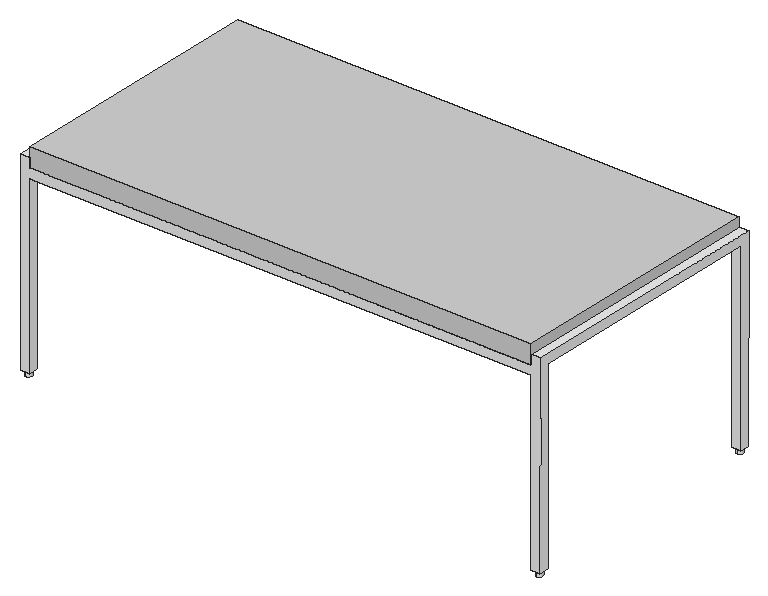
Revit family
Parameters (values of type "42W x 21D x 16H")
  Width = 3' - 6"
  URL = "http://elanbydecca.com/"
  Top [instance] = Furniture - DECCA (Elan) - Ethos - Top
  Base [instance] = Furniture - DECCA (Elan) - Ethos - Base
  Product URL = "http://elanbydecca.com/PDFs/elan_tearsheet-vertex.pdf"
  Model = "FT CT800"
  Manufacturer = "Decca Contract"
  Height = 1' - 4"
  Description = "Ethos, Side Table"
  Depth = 1' - 9"
  Assembly Description = "Furniture & Accessories"
  Assembly Code = "E2020200"
Types (3): name | Width | Model | Depth
  (no name) | 3' - 6" | "FT CT800" | 1' - 9"
  42W x 21D x 16H | 3' - 6" | "FT CT800" | 1' - 9"
  48W x 24D x 16H | 4' - 0" | "FT CT801" | 2' - 0"
Reference planes (in)
  plane 1 "Center Front/Back": y = -0.7524
  plane 2: z = 0
  plane 3 "Center Left/Right": x = 0
  plane 4 "L": x = -21
  plane 5 "R": x = 21
  plane 6 "F": y = -11.2524
  plane 7: y = 9.7476
  plane 8: through (-6.25338, 2.33237, 23.38953) normal (0.4297, -0.4297, 0.7941)
  plane 9 "ST": z = 16
  plane 10: z = 0.375
  plane 11: x = -20.25
  plane 12: x = 20.25
  plane 13: z = 15.25
  plane 14: z = 14.5
  plane 15: y = 8.9976
  plane 16: y = -10.5024
  plane 17: x = -0.375
  plane 18: x = 0.375
  plane 19: y = 2.7476
  plane 20: y = -4.2524
  plane 21: x = -6.75
  plane 22: x = 6.75
  plane 23: z = 16.75
Forms (in)
  Extrusion 1, solid, material "Furniture - DECCA (Elan) - Ethos - Base" <- "Base"
    sketch origin (0, 0, 0) x (0, 1, 0) y (0, 0, 1)
      loop
        line (9.7476, 0.375) -> (9.7476, 16) -> (-11.2524, 16) -> (-11.2524, 0.375) -> (-10.5024, 0.375) -> (-10.5024, 15.25) -> (8.9976, 15.25) -> (8.9976, 0.375) -> (9.7476, 0.375)
    from -21 to -20.25
  Extrusion 2, solid, material "Furniture - DECCA (Elan) - Ethos - Base" <- "Base"
    sketch origin (0, 0, 0) x (0, 1, 0) y (0, 0, 1)
      loop
        line (9.7476, 14.5) -> (9.7476, 15.25) -> (8.9976, 15.25) -> (8.9976, 14.5) -> (9.7476, 14.5)
      loop
        line (-11.2524, 14.5) -> (-10.5024, 14.5) -> (-10.5024, 15.25) -> (-11.2524, 15.25) -> (-11.2524, 14.5)
    from -20.25 to 20.25
  Extrusion 3, solid, material "Furniture - DECCA (Elan) - Ethos - Base" <- "Base"
    sketch origin (0, 0, 7.44949) x (0, -1, 0) y (1, 0, 0)
      loop
        circle (-9.3726, -20.625) r 0.25
      loop
        circle (-9.3726, 20.625) r 0.25
      loop
        circle (10.8774, -20.625) r 0.25
      loop
        circle (10.8774, 20.625) r 0.25
    from -7.44949 to -7.07449
  Extrusion 4, solid, material "Furniture - DECCA (Elan) - Ethos - Base" <- "Base"
    sketch origin (0, 0, 0) x (0, 1, 0) y (0, 0, 1)
      loop
        line (9.7476, 0.375) -> (9.7476, 16) -> (-11.2524, 16) -> (-11.2524, 0.375) -> (-10.5024, 0.375) -> (-10.5024, 15.25) -> (8.9976, 15.25) -> (8.9976, 0.375) -> (9.7476, 0.375)
    from 20.25 to 21
  Extrusion 5, solid, material "Furniture - DECCA (Elan) - Ethos - Top" <- "Top"
    sketch origin (0, 0, 16) x (-1, 0, 0) y (0, -1, 0)
      loop
        line (20.25, -9.7476) -> (20.25, 11.2524) -> (-20.25, 11.2524) -> (-20.25, -9.7476) -> (20.25, -9.7476)
    from -0.75 to 0.75
Cuts and joins
  joined: Extrusion 1, Extrusion 2, Extrusion 3, Extrusion 4
Dimensions and locks (in)
  equal spacing: plane 4 "L", plane 3 "Center Left/Right", plane 5 "R"
  equal spacing: plane 7, plane 1 "Center Front/Back", plane 6 "F"
  "Width": plane 4 "L" to plane 5 "R"
  "Depth": plane 7 to plane 6 "F"
  "Height": plane 9 "ST" to level
  locked: plane 4 "L" to plane 11 at 0.75
  locked: plane 12 to plane 5 "R" at 0.75
  locked: plane 7 to plane 15 at 0.75
  locked: plane 16 to plane 6 "F" at 0.75
  plane 17 to plane 3 "Center Left/Right" to plane 18 = 0' - 0 3/8" locked, 0' - 0 3/8" locked
  equal spacing: plane 7, plane 19, plane 20, plane 6 "F"
  equal spacing: plane 11, plane 21, plane 22, plane 12
  plane 23 to plane 9 "ST" to plane 13 to plane 14 = 0' - 0 3/4" locked, 0' - 0 3/4" locked, 0' - 0 3/4" locked
  aligned and locked: plane 7 to Extrusion 1 sketch curve
  aligned and locked: plane 10 to Extrusion 1 sketch curve
  aligned and locked: plane 6 "F" to Extrusion 1 sketch curve
  aligned and locked: Extrusion 1 to plane 4 "L"
  aligned and locked: plane 11 to Extrusion 1
  aligned and locked: plane 7 to Extrusion 2 sketch curve
  aligned and locked: plane 6 "F" to Extrusion 2 sketch curve
  aligned and locked: Extrusion 2 to plane 11
  aligned and locked: Extrusion 2 to plane 12
  aligned and locked: Extrusion 3 to level
  aligned and locked: plane 10 to Extrusion 3
  aligned and locked: plane 9 "ST" to Extrusion 1 sketch curve
  aligned and locked: plane 13 to Extrusion 1 sketch curve
  aligned and locked: Extrusion 4 to plane 5 "R"
  aligned and locked: plane 12 to Extrusion 4
  aligned and locked: plane 13 to Extrusion 2 sketch curve  (x2)
  aligned and locked: plane 14 to Extrusion 2 sketch curve  (x2)
  aligned and locked: Extrusion 5 sketch curve to plane 11
  aligned and locked: Extrusion 5 sketch curve to plane 7
  aligned and locked: plane 12 to Extrusion 5 sketch curve
  aligned and locked: Extrusion 5 sketch curve to plane 6 "F"
  aligned and locked: Extrusion 5 to plane 13
  aligned and locked: plane 23 to Extrusion 5
Automatic sketch dimensions
  Extrusion 1 sketch curve to plane 16 = 0' - 0"
  Extrusion 1 sketch curve to plane 15 = 0' - 0"
  Extrusion 1 sketch curve to plane 10 = 0' - 0"
  Extrusion 2 sketch curve to plane 16 = 0' - 0"
  Extrusion 3 sketch curve to plane 7 = 0' - 0 3/8"  (x2)
  plane 6 "F" to Extrusion 3 sketch curve = 0' - 0 3/8"  (x2)
  plane 4 "L" to Extrusion 3 sketch curve = 0' - 0 3/8"  (x2)
  plane 5 "R" to Extrusion 3 sketch curve = 0' - 0 3/8"  (x2)
  Extrusion 4 sketch curve to plane 6 "F" = 0' - 0"
  Extrusion 4 sketch curve to plane 13 = 0' - 0"
  Extrusion 4 sketch curve to plane 16 = 0' - 0"
  Extrusion 4 sketch curve to plane 10 = 0' - 0"  (x2)
  Extrusion 4 sketch curve to plane 15 = 0' - 0"
  Extrusion 4 sketch curve to plane 7 = 0' - 0"
  Extrusion 4 sketch curve to plane 9 "ST" = 0' - 0"
  Extrusion 2 sketch curve to plane 15 = 0' - 0"
  radius of Extrusion 3 sketch curve = 0' - 0 1/4"  (x4)
